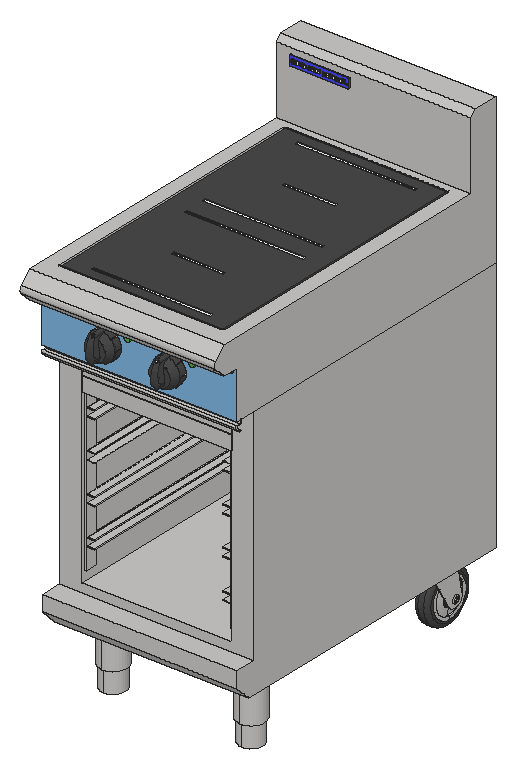
Revit family "QF_Moffat_IN512R5-CB_Induction_Cooktop_cat", category Specialty Equipment, Revit 2019 (continued)
Definition of nested family "6 INCHES 02_CASTER"
  Forms (mm)
    Revolve 1, solid, visible <- "Show Casters"
      sketch origin (-56.335, 0, -6.35) x (-1, 0, 0) y (0, 0, 1)
        loop
          line (-56.335, 152.4) -> (-56.335, 141.118) -> (-23.798, 141.118) -> (-23.798, 152.4) -> (-56.335, 152.4)
        axis (-56.335, 141.118) -> (-56.335, 152.4)
      angle from 0 to 360
    Extrusion 2, solid, visible <- "Show Casters"
      sketch origin (6.501, 53.083, -4.762) x (0, 1, 0) y (0, 0, 1)
        loop
          line (-85.799, 139.531) -> (-85.799, 133.181) -> (-42.478, 58.614)
          arc (-42.478, 58.614) -> (-16.638, 50.199) -> (-6.442, 75.39) r 19.923
          line (-6.442, 75.39) -> (-20.366, 139.531) -> (-85.799, 139.531)
      from 20.058 to 22.923
    Extrusion 3, solid, visible <- "Show Casters"
      sketch origin (0, 0, 146.05) x (0, 1, 0) y (-1, 0, 0)
        loop
          circle (0, 0) r 19.05
      from 0 to 3.95
    Extrusion 4, solid, visible <- "Show Casters"
      sketch origin (-6.501, 53.083, -4.762) x (0, 1, 0) y (0, 0, -1)
        loop
          line (-85.799, -133.181) -> (-85.799, -139.531) -> (-20.366, -139.531) -> (-6.442, -75.39)
          arc (-6.442, -75.39) -> (-16.638, -50.199) -> (-42.478, -58.614) r 19.923
          line (-42.478, -58.614) -> (-85.799, -133.181)
      from 20.058 to 22.923
    Extrusion 5, solid, visible <- "Show Casters"
      sketch origin (0, -3.253, 19.05) x (0, 1, 0) y (0, 0, 1)
        loop
          line (-29.464, 115.718) -> (-29.464, 109.368) -> (35.969, 109.368) -> (35.969, 115.718) -> (-29.464, 115.718)
      from -26.559 to 26.559
    Revolve 6, solid, visible <- "Show Casters"
      sketch origin (-49.213, 28.39, -3.252) x (1, 0, 0) y (0, 0, 1)
        loop
          line (14.841, 65.192) -> (14.841, 61.686) -> (16.111, 60.416) -> (17.635, 60.416) -> (17.635, 56.97) -> (29.782, 56.97) -> (29.782, 46.925) -> (33.069, 45.027) -> (36.232, 25.477) -> (32.544, 25.477) -> (32.544, 19.127) -> (33.338, 19.127) -> (33.338, 12.777)
          arc (33.338, 12.777) -> (36.127, 6.041) -> (42.863, 3.252) r 9.525
          line (42.863, 3.252) -> (55.563, 3.252)
          arc (55.563, 3.252) -> (62.298, 6.041) -> (65.088, 12.777) r 9.525
          line (65.088, 12.777) -> (65.088, 19.127) -> (65.881, 19.127) -> (65.881, 25.477) -> (62.193, 25.477) -> (65.371, 45.116) -> (68.644, 47.006) -> (68.644, 56.97) -> (80.79, 56.97) -> (80.79, 60.416) -> (82.314, 60.416) -> (83.584, 61.686) -> (83.584, 65.192) -> (14.841, 65.192)
        axis (14.841, 65.192) -> (83.584, 65.192)
      angle from 0 to 360
  Cuts and joins
    joined: Extrusion 2, Extrusion 4, Extrusion 5
  Lines and regions (mm)
    symbolic lines, visible <- "Show Casters"
      curve 1: line (11.652, 51.878, 0) -> (39.148, 36.003, 0)
      curve 2: line (-39.148, -36.11, 0) -> (-20.098, -3.115, 0)
      curve 3: line (-11.652, -51.985, 0) -> (-39.148, -36.11, 0)
      curve 4: line (39.148, 36.003, 0) -> (20.098, 3.007, 0)
      curve 5: line (-7.398, 18.882, 0) -> (11.652, 51.878, 0)
      curve 6: line (7.398, -18.99, 0) -> (-11.652, -51.985, 0)
  Dimensions and locks
    plane 6 "TOP" to level = 150 mm  (x2)
    aligned and locked: level to plane 2
Definition of nested family "Knob"
  Parameters (values of type "Knob")
    Weight in Pounds = 0
    URL Cutsheet = ""
    Specification by User = ""
    Specification by Manufacturer = ""
    Serial Number = ""
    Seismic Rating = ""
    SMACNA No = ""
    Revision Code = ""
    NAFEM Spec ID Number = ""
    Masterspec = ""
    Length = 65 mm
    Item Number = ""
    Installed By = ""
    Identify Quantity as Lot = yes
    Height = 69.5 mm
    Furnished By = ""
    Foodservice Equipment Identifier = yes
    Depth = 59 mm
    CSI MasterFormat = ""
  Reference planes
    plane 1 "BACK": y = 0
    plane 2: z = 0
    plane 3 "LEFT": x = 0
    plane 4 "RIGHT": x = 65
    plane 5 "FRONT": y = -59
    plane 6 "TOP": z = 69.5
    plane 7 "Center Y": x = 32.5
    plane 8 "Center X": y = -29.5
  Forms (mm)
    Revolve 1, solid
      sketch origin (32.5, 175.397, 1219.2) x (0, 1, 0) y (0, 0, 1)
        loop
          line (-175.397, -1186.7) -> (-219.397, -1186.7) -> (-219.397, -1211.501) -> (-202.106, -1219.2) -> (-185.397, -1219.2) -> (-185.397, -1191.7) -> (-175.397, -1191.7) -> (-175.397, -1186.7)
        axis (-219.397, -1186.7) -> (-175.397, -1186.7)
      angle from 0 to 360
    Extrusion 2, solid
      sketch origin (32.5, 175.397, 1219.2) x (0, 1, 0) y (0, 0, 1)
        loop
          line (-202.106, -1154.2) -> (-185.397, -1154.2) -> (-185.397, -1149.7) -> (-224.105, -1149.7)
          arc (-224.105, -1149.7) -> (-233.965, -1178.467) -> (-230.696, -1208.7) r 70
          line (-230.696, -1208.7) -> (-219.397, -1208.7) -> (-219.397, -1161.899) -> (-202.106, -1154.2)
      from -15 to 15
    Extrusion 3, void
      sketch origin (0, 0, 0) x (1, 0, 0) y (0, 0, 1)
        loop
          line (27.501, 64.613) -> (22.02, 20.585)
          arc (22.02, 20.585) -> (32.792, 10.488) -> (42.986, 21.169) r 10.487
          line (42.986, 21.169) -> (37.499, 64.613)
          arc (37.499, 64.613) -> (32.5, 69.5) -> (27.501, 64.613) r 5
        loop
          line (10, 72.977) -> (10, 5.625) -> (55, 5.625) -> (55, 72.977) -> (10, 72.977)
      from 6.142 to 69.687
    Extrusion 4, solid
      sketch origin (0, -34.115, -16.916) x (1, 0, 0) y (0, 0.45399, 0.891007)
        loop
          circle (32.497, 65) r 2
      from 51.525 to 53.075
    Extrusion 5, solid
      sketch origin (32.5, -10, 32.5) x (0, 0, -1) y (-1, 0, 0)
        loop
          line (-23.54, -22.408) -> (-24.106, -22.974)
          arc (-24.106, -22.974) -> (-23.547, -23.547) -> (-22.974, -24.106) r 33.3
          line (-22.974, -24.106) -> (-22.408, -23.54)
          arc (-22.408, -23.54) -> (-22.981, -22.981) -> (-23.54, -22.408) r 32.5
        loop
          arc (-0.8, -33.29) -> (0, -33.3) -> (0.8, -33.29) r 33.3
          line (0.8, -33.29) -> (0.8, -32.49)
          arc (0.8, -32.49) -> (0, -32.5) -> (-0.8, -32.49) r 32.5
          line (-0.8, -32.49) -> (-0.8, -33.29)
        loop
          arc (23.54, -22.408) -> (22.981, -22.981) -> (22.408, -23.54) r 32.5
          line (22.408, -23.54) -> (22.974, -24.106)
          arc (22.974, -24.106) -> (23.547, -23.547) -> (24.106, -22.974) r 33.3
          line (24.106, -22.974) -> (23.54, -22.408)
        loop
          arc (-23.54, 22.408) -> (-22.981, 22.981) -> (-22.408, 23.54) r 32.5
          line (-22.408, 23.54) -> (-22.974, 24.106)
          arc (-22.974, 24.106) -> (-23.547, 23.547) -> (-24.106, 22.974) r 33.3
          line (-24.106, 22.974) -> (-23.54, 22.408)
        loop
          line (-0.8, 33.29) -> (-0.8, 32.49)
          arc (-0.8, 32.49) -> (0, 32.5) -> (0.8, 32.49) r 32.5
          line (0.8, 32.49) -> (0.8, 33.29)
          arc (0.8, 33.29) -> (0, 33.3) -> (-0.8, 33.29) r 33.3
        loop
          line (32.49, -0.8) -> (33.29, -0.8)
          arc (33.29, -0.8) -> (33.3, 0) -> (33.29, 0.8) r 33.3
          line (33.29, 0.8) -> (32.49, 0.8)
          arc (32.49, 0.8) -> (32.5, 0) -> (32.49, -0.8) r 32.5
        loop
          arc (24.106, 22.974) -> (23.547, 23.547) -> (22.974, 24.106) r 33.3
          line (22.974, 24.106) -> (22.408, 23.54)
          arc (22.408, 23.54) -> (22.981, 22.981) -> (23.54, 22.408) r 32.5
          line (23.54, 22.408) -> (24.106, 22.974)
      from 0 to -16.709
  Cuts and joins
    Extrusion 3 cuts Extrusion 2
  Dimensions and locks
    equal spacing: plane 3 "LEFT", plane 7 "Center Y", plane 4 "RIGHT"
    "Length": plane 3 "LEFT" to plane 4 "RIGHT"
    equal spacing: plane 5 "FRONT", plane 8 "Center X", plane 1 "BACK"
    "Depth": plane 5 "FRONT" to plane 1 "BACK"
    "Height": plane 6 "TOP" to level
    plane 4 "RIGHT" to plane 3 "LEFT" = 65 mm
    aligned and locked: level to plane 2
  Automatic sketch dimensions
    Revolve 1 sketch curve to level = 0 mm
    Revolve 1 sketch curve to plane 1 "BACK" = 0 mm  (x2)
    plane 1 "BACK" to Revolve 1 sketch curve = 10 mm
    plane 8 "Center X" to Revolve 1 sketch curve = 2.791 mm
    Revolve 1 sketch curve to plane 8 "Center X" = 14.5 mm
    level to Revolve 1 sketch curve = 7.699 mm
    level to Revolve 1 sketch curve = 27.5 mm
    Revolve 1 sketch curve to Revolve 1 sketch curve = 5 mm
    Revolve 1 sketch curve to Revolve 1 sketch curve = 35 mm
    Revolve 1 sketch curve to Revolve 1 sketch curve = 0 mm
    Extrusion 2 sketch curve to plane 6 "TOP" = 0 mm
    Extrusion 2 sketch curve to plane 5 "FRONT" = 3.702 mm
    Extrusion 2 sketch curve to plane 5 "FRONT" = 10.293 mm
    Extrusion 2 sketch curve to Extrusion 2 sketch curve = 11.298 mm
    plane 8 "Center X" to Extrusion 2 sketch curve = 2.791 mm
    plane 1 "BACK" to Extrusion 2 sketch curve = 10 mm
    Extrusion 2 sketch curve to plane 1 "BACK" = 11 mm
    Extrusion 2 sketch curve to plane 6 "TOP" = 4.5 mm
    Extrusion 2 sketch curve to plane 6 "TOP" = 12.199 mm
    level to Extrusion 2 sketch curve = 32.962 mm
    level to Extrusion 3 sketch curve = 5.625 mm
    Extrusion 3 sketch curve to plane 7 "Center Y" = 0 mm  (x2)
    Extrusion 3 sketch curve to plane 7 "Center Y" = 4.999 mm
    Extrusion 3 sketch curve to plane 7 "Center Y" = 10.48 mm
    plane 6 "TOP" to Extrusion 3 sketch curve = 3.477 mm
    plane 3 "LEFT" to Extrusion 3 sketch curve = 10 mm
    Extrusion 3 sketch curve to plane 6 "TOP" = 4.887 mm
    Extrusion 3 sketch curve to Extrusion 3 sketch curve = 4.999 mm
    plane 7 "Center Y" to Extrusion 3 sketch curve = 10.486 mm
    level to Extrusion 3 sketch curve = 20.585 mm
    Extrusion 3 sketch curve to Extrusion 3 sketch curve = 0.387 mm
    Extrusion 3 sketch curve to Extrusion 3 sketch curve = 0.113 mm
    plane 4 "RIGHT" to Extrusion 3 sketch curve = 10 mm
    Extrusion 5 sketch curve to Revolve 1 = 32.49 mm
    Revolve 1 to Extrusion 5 sketch curve = 32.49 mm
    Extrusion 5 sketch curve to Revolve 1 = 23.54 mm  (x2)
    Revolve 1 to Extrusion 5 sketch curve = 23.54 mm  (x2)
    Extrusion 5 sketch curve to Revolve 1 = 24.106 mm  (x2)
    Revolve 1 to Extrusion 5 sketch curve = 24.106 mm  (x2)
    Revolve 1 to Extrusion 5 sketch curve = 22.408 mm  (x2)
    Extrusion 5 sketch curve to Revolve 1 = 22.408 mm  (x2)
    Revolve 1 to Extrusion 5 sketch curve = 22.974 mm  (x2)
    Extrusion 5 sketch curve to Revolve 1 = 22.974 mm  (x2)
    Extrusion 5 sketch curve to Extrusion 5 sketch curve = 1.6 mm  (x2)
    Revolve 1 to Extrusion 5 sketch curve = 0.8 mm
    Extrusion 5 sketch curve to Revolve 1 = 0.8 mm
    Extrusion 4 sketch curve to plane 7 "Center Y" = 0.003 mm
    radius of Extrusion 5 sketch curve to Revolve 1 = 0 mm  (x7)
    radius of Revolve 1 to Extrusion 5 sketch curve = 0.8 mm  (x7)
    radius of Extrusion 4 sketch curve = 2 mm
